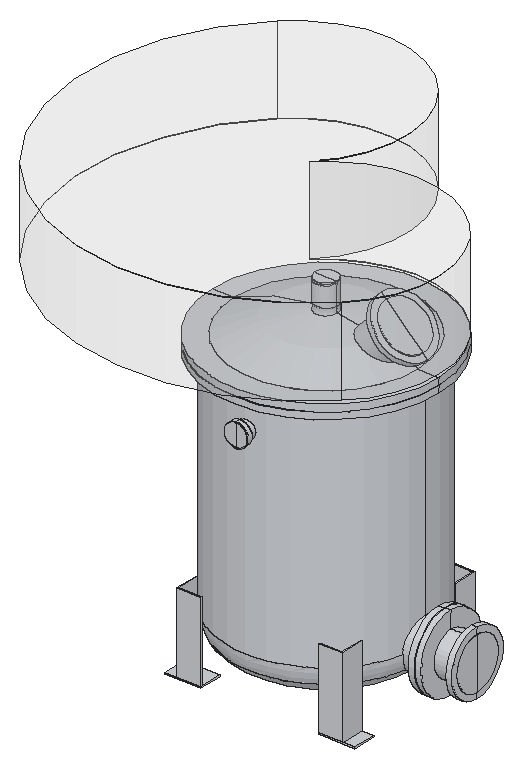
Revit family "Aquarevival_BSG50T", category Mechanical Equipment, Revit 2018
Family settings
  Round Connector Dimension = Use Diameter
  Part Type = Normal
  OmniClass Number = 23.75.00.00
  OmniClass Title = Climate Control (HVAC)
  Work Plane-Based = No
  Always vertical = Yes
  Cut with Voids When Loaded = No
  Shared = No
  Room Calculation Point = No
Parameters
  Panel Location (0-4) [instance] = 0
  Panel 4 [instance] = [Panel Location (0-4)] = 4  # no
  Panel 3 [instance] = [Panel Location (0-4)] = 3  # no
  Panel 2 [instance] = [Panel Location (0-4)] = 2  # no
  Panel 1 [instance] = not(or([Panel Location (0-4)] = 2, [Panel Location (0-4)] = 3, [Panel Location (0-4)] = 4, [Panel Location (0-4)] = 0))  # no
  Outlet = 0' - 10"
  Model = "BSG50T"
  Manufacturer = "Aqua Revival LLC"
  Keynote = ""
  Inlet = 0' - 10"
  Filter Discharge Rotation [instance] = 0.00°
  Filter Clearance Rotation [instance] = 0.00°
  Drain = 0' - 6"
  Description = "Regenerative Media Filter"
Reference planes (in)
  plane 1 "Center (Front/Back)": y = 0
  plane 2: z = 0
  plane 3 "Center (Left/Right)": x = 0
Forms (in)
  Revolve 1, solid
    sketch origin (0, 0, 12) x (1, 0, 0) y (0, 0, 1)
      loop
        line (-0.00004, -10.74611) -> (-0.00004, 76.11987) -> (-2.75, 76.11987) -> (-2.75, 75.91248)
        arc (-2.75, 75.91248) -> (-2.7402, 75.72628) -> (-2.75, 75.54009) r 1.77355
        line (-2.75, 75.54009) -> (-2.75, 70.55737)
        arc (-2.75, 70.55737) -> (-2.66107, 69.73809) -> (-2.75296, 68.91914) r 3.75596
        arc (-2.75296, 68.91914) -> (-13.12881, 67.25137) -> (-22.93187, 63.46457) r 50.3125
        line (-22.93187, 63.46457) -> (-28.25, 63.46457) -> (-28.25, 61.71458) -> (-28.08532, 61.71458) -> (-28.08532, 61.60182) -> (-28.25, 61.60182) -> (-28.25, 59.96457) -> (-24.99977, 59.96457) -> (-24.99977, 2.71371)
        arc (-24.99977, 2.71371) -> (-24.6877, 0.43171) -> (-23.77441, -1.68272) r 8.49961
        arc (-23.77441, -1.68272) -> (-22.41911, -3.35196) -> (-20.65941, -4.58755) r 7.79697
        arc (-20.65941, -4.58755) -> (-13.83356, -7.96305) -> (-6.5023, -10.02192) r 41.11644
        arc (-6.5023, -10.02192) -> (-3.26387, -10.49807) -> (-0.00004, -10.74611) r 46.68297
      axis (0, 76.11987) -> (0, -10.74611)
    angle from 0 to 360
  Revolve 2, solid
    sketch origin (-14.99151, 0, 1.58134) x (1, 0, 0) y (0, 0, 1)
      loop
        line (-14.12767, 5.39286) -> (3.62234, 5.39286) -> (3.62234, 8.70536) -> (-13.12766, 8.70536) -> (-13.12766, 10.89286) -> (-14.12767, 10.89286) -> (-14.12767, 5.39286)
      axis (-14.12767, 5.39286) -> (3.62234, 5.39286)
    angle from 0 to 360
  Extrusion 3, solid
    sketch origin (-14.99151, 0, 1.58134) x (0, 1, 0) y (0, 0, 1)
      loop
        circle (0, 5.39286) r 4.25
    from -14.26766 to -14.12767
  Revolve 4, solid
    sketch origin (0.02056, -68.74083, 19.46511) x (0, 1, 0) y (0, 0, 1)
      loop
        line (40.62187, 45.49946) -> (44.12187, 45.49946) -> (44.12187, 47.76786) -> (42.49057, 47.76786) -> (42.39687, 47.86156) -> (42.39687, 48.01786) -> (41.87187, 48.01786) -> (41.87187, 48.41208) -> (40.71557, 48.41208) -> (40.62187, 48.31823) -> (40.62187, 45.49946)
      axis (40.62187, 45.49946) -> (44.12187, 45.49946)
    angle from 0 to 360
  Extrusion 5, solid, visible <- "Panel 1"
    sketch origin (-6.75901, -13.83786, 16.84542) x (1, 0, 0) y (0, 1, 0)
      loop
        line (-26.32299, -12.86214) -> (-26.32299, -13.11014) -> (-27.35099, -13.11014) -> (-27.35099, -13.77514)
        arc (-27.35099, -13.77514) -> (-27.30413, -13.88828) -> (-27.19099, -13.93514) r 0.16
        line (-27.19099, -13.93514) -> (-11.87099, -13.93514)
        arc (-11.87099, -13.93514) -> (-11.76846, -13.89267) -> (-11.72599, -13.79014) r 0.145
        line (-11.72599, -13.79014) -> (-11.72599, -13.11014) -> (-12.65099, -13.11014) -> (-12.65099, -12.86215) -> (-11.62098, -12.86215)
        arc (-11.62098, -12.86215) -> (-11.51852, -12.81975) -> (-11.47597, -12.71735) r 0.14501
        line (-11.47597, -12.71735) -> (-11.47597, -7.00721)
        arc (-11.47597, -7.00721) -> (-11.51845, -6.90466) -> (-11.62101, -6.86218) r 0.14504
        line (-11.62101, -6.86218) -> (-27.331, -6.86218)
        arc (-27.331, -6.86218) -> (-27.43352, -6.90464) -> (-27.47598, -7.00716) r 0.14498
        line (-27.47598, -7.00716) -> (-27.47598, -12.71714)
        arc (-27.47598, -12.71714) -> (-27.43351, -12.81967) -> (-27.33099, -12.86214) r 0.145
        line (-27.33099, -12.86214) -> (-26.32299, -12.86214)
    from 35.1762 to 51.1012
  Extrusion 6, solid, visible <- "Panel 1"
    sketch origin (-6.77401, -13.83786, 16.84542) x (1, 0, 0) y (0, 1, 0)
      loop
        line (-27.47599, -6.86218) -> (-7.24373, -6.86218)
        arc (-7.24373, -6.86218) -> (-10.60636, -4.13188) -> (-13.44723, -0.86214) r 24.99977
        line (-13.44723, -0.86214) -> (-27.47599, -0.86214) -> (-27.47599, -6.86218)
    from 50.9012 to 51.1012
  Extrusion 7, solid, visible <- "Panel 1"
    sketch origin (-6.77401, -13.83786, 16.84542) x (0, 1, 0) y (0, 0, 1)
      loop
        line (-6.86218, 50.9012) -> (-6.86218, 49.53074) -> (-6.61218, 49.53074) -> (-6.61218, 50.9012) -> (-6.86218, 50.9012)
    from -27.47599 to -7.27396
  Extrusion 8, solid, visible <- "Panel 1"
    sketch origin (-6.77401, -13.83786, 103.05209) x (0, 1, 0) y (0, 0, 1)
      loop
        line (-6.86218, -50.9012) -> (-6.61218, -50.9012) -> (-6.61218, -49.53074) -> (-6.86218, -49.53074) -> (-6.86218, -50.9012)
    from -27.47599 to -7.27396
  Revolve 9, solid, visible <- "Panel 1"
    sketch origin (-26.26107, -75.37885, 16.84542) x (0, -1, 0) y (0, 0, 1)
      loop
        line (-45.98085, 39.52627) -> (-45.98085, 40.27627)
        arc (-45.98085, 40.27627) -> (-46.1273, 40.62983) -> (-46.48085, 40.77627) r 0.5
        line (-46.48085, 40.77627) -> (-46.60585, 40.77627) -> (-46.60585, 40.02627) -> (-47.35585, 40.02627) -> (-47.35585, 40.10855) -> (-47.60585, 40.10855) -> (-47.60585, 39.52627) -> (-45.98085, 39.52627)
      axis (-47.60585, 39.52627) -> (-45.98085, 39.52627)
    angle from 0 to 360
  Extrusion 10, solid, visible <- "Panel 1"
    sketch origin (-6.77401, -13.83786, 1.04969) x (1, 0, 0) y (0, 1, 0)
      loop
        line (-27.47599, -6.86218) -> (-7.24373, -6.86218)
        arc (-7.24373, -6.86218) -> (-10.60636, -4.13188) -> (-13.44723, -0.86214) r 24.99977
        line (-13.44723, -0.86214) -> (-27.47599, -0.86214) -> (-27.47599, -6.86218)
    from 50.9012 to 51.1012
  Extrusion 11, solid, visible <- "Panel 2"
    sketch origin (6.75901, -13.83786, 16.84542) x (-1, 0, 0) y (0, -1, 0)
      loop
        line (-26.32299, 12.86214) -> (-27.33099, 12.86214)
        arc (-27.33099, 12.86214) -> (-27.43351, 12.81967) -> (-27.47598, 12.71714) r 0.145
        line (-27.47598, 12.71714) -> (-27.47598, 7.00716)
        arc (-27.47598, 7.00716) -> (-27.43352, 6.90464) -> (-27.331, 6.86218) r 0.14498
        line (-27.331, 6.86218) -> (-11.62101, 6.86218)
        arc (-11.62101, 6.86218) -> (-11.51845, 6.90466) -> (-11.47597, 7.00721) r 0.14504
        line (-11.47597, 7.00721) -> (-11.47597, 12.71735)
        arc (-11.47597, 12.71735) -> (-11.51852, 12.81975) -> (-11.62098, 12.86215) r 0.14501
        line (-11.62098, 12.86215) -> (-12.65099, 12.86215) -> (-12.65099, 13.11014) -> (-11.72599, 13.11014) -> (-11.72599, 13.79014)
        arc (-11.72599, 13.79014) -> (-11.76846, 13.89267) -> (-11.87099, 13.93514) r 0.145
        line (-11.87099, 13.93514) -> (-27.19099, 13.93514)
        arc (-27.19099, 13.93514) -> (-27.30413, 13.88828) -> (-27.35099, 13.77514) r 0.16
        line (-27.35099, 13.77514) -> (-27.35099, 13.11014) -> (-26.32299, 13.11014) -> (-26.32299, 12.86214)
    from 35.1762 to 51.1012
  Extrusion 12, solid, visible <- "Panel 2"
    sketch origin (6.77401, -13.83786, 16.84542) x (-1, 0, 0) y (0, -1, 0)
      loop
        line (-27.47599, 6.86218) -> (-27.47599, 0.86214) -> (-13.44723, 0.86214)
        arc (-13.44723, 0.86214) -> (-10.60636, 4.13188) -> (-7.24373, 6.86218) r 24.99977
        line (-7.24373, 6.86218) -> (-27.47599, 6.86218)
    from 50.9012 to 51.1012
  Extrusion 13, solid, visible <- "Panel 2"
    sketch origin (6.77401, -13.83786, 16.84542) x (0, 1, 0) y (0, 0, -1)
      loop
        line (-6.86218, -50.9012) -> (-6.61218, -50.9012) -> (-6.61218, -49.53074) -> (-6.86218, -49.53074) -> (-6.86218, -50.9012)
    from -27.47599 to -7.27396
  Extrusion 14, solid, visible <- "Panel 2"
    sketch origin (6.77401, -13.83786, 103.05209) x (0, 1, 0) y (0, 0, -1)
      loop
        line (-6.86218, 50.9012) -> (-6.86218, 49.53074) -> (-6.61218, 49.53074) -> (-6.61218, 50.9012) -> (-6.86218, 50.9012)
    from -27.47599 to -7.27396
  Revolve 15, solid, visible <- "Panel 2"
    sketch origin (26.26107, -75.37885, 16.84542) x (0, -1, 0) y (0, 0, -1)
      loop
        line (-45.98085, -39.52627) -> (-47.60585, -39.52627) -> (-47.60585, -40.10855) -> (-47.35585, -40.10855) -> (-47.35585, -40.02627) -> (-46.60585, -40.02627) -> (-46.60585, -40.77627) -> (-46.48085, -40.77627)
        arc (-46.48085, -40.77627) -> (-46.1273, -40.62983) -> (-45.98085, -40.27627) r 0.5
        line (-45.98085, -40.27627) -> (-45.98085, -39.52627)
      axis (-47.60585, -39.52627) -> (-45.98085, -39.52627)
    angle from 0 to 360
  Extrusion 16, solid, visible <- "Panel 2"
    sketch origin (6.77401, -13.83786, 1.04969) x (-1, 0, 0) y (0, -1, 0)
      loop
        line (-27.47599, 6.86218) -> (-27.47599, 0.86214) -> (-13.44723, 0.86214)
        arc (-13.44723, 0.86214) -> (-10.60636, 4.13188) -> (-7.24373, 6.86218) r 24.99977
        line (-7.24373, 6.86218) -> (-27.47599, 6.86218)
    from 50.9012 to 51.1012
  Extrusion 17, solid, visible <- "Panel 4"
    sketch origin (-6.75901, 13.83786, 16.84542) x (1, 0, 0) y (0, 1, 0)
      loop
        line (-26.32299, 12.86214) -> (-27.33099, 12.86214)
        arc (-27.33099, 12.86214) -> (-27.43351, 12.81967) -> (-27.47598, 12.71714) r 0.145
        line (-27.47598, 12.71714) -> (-27.47598, 7.00716)
        arc (-27.47598, 7.00716) -> (-27.43352, 6.90464) -> (-27.331, 6.86218) r 0.14498
        line (-27.331, 6.86218) -> (-11.62101, 6.86218)
        arc (-11.62101, 6.86218) -> (-11.51845, 6.90466) -> (-11.47597, 7.00721) r 0.14504
        line (-11.47597, 7.00721) -> (-11.47597, 12.71735)
        arc (-11.47597, 12.71735) -> (-11.51852, 12.81975) -> (-11.62098, 12.86215) r 0.14501
        line (-11.62098, 12.86215) -> (-12.65099, 12.86215) -> (-12.65099, 13.11014) -> (-11.72599, 13.11014) -> (-11.72599, 13.79014)
        arc (-11.72599, 13.79014) -> (-11.76846, 13.89267) -> (-11.87099, 13.93514) r 0.145
        line (-11.87099, 13.93514) -> (-27.19099, 13.93514)
        arc (-27.19099, 13.93514) -> (-27.30413, 13.88828) -> (-27.35099, 13.77514) r 0.16
        line (-27.35099, 13.77514) -> (-27.35099, 13.11014) -> (-26.32299, 13.11014) -> (-26.32299, 12.86214)
    from 35.1762 to 51.1012
  Extrusion 18, solid, visible <- "Panel 4"
    sketch origin (-6.77401, 13.83786, 16.84542) x (1, 0, 0) y (0, 1, 0)
      loop
        line (-27.47599, 6.86218) -> (-27.47599, 0.86214) -> (-13.44723, 0.86214)
        arc (-13.44723, 0.86214) -> (-10.60636, 4.13188) -> (-7.24373, 6.86218) r 24.99977
        line (-7.24373, 6.86218) -> (-27.47599, 6.86218)
    from 50.9012 to 51.1012
  Extrusion 19, solid, visible <- "Panel 4"
    sketch origin (-6.77401, 13.83786, 16.84542) x (0, -1, 0) y (0, 0, -1)
      loop
        line (-6.86218, -50.9012) -> (-6.61218, -50.9012) -> (-6.61218, -49.53074) -> (-6.86218, -49.53074) -> (-6.86218, -50.9012)
    from -27.47599 to -7.27396
  Extrusion 20, solid, visible <- "Panel 4"
    sketch origin (-6.77401, 13.83786, 103.05209) x (0, -1, 0) y (0, 0, -1)
      loop
        line (-6.86218, 50.9012) -> (-6.86218, 49.53074) -> (-6.61218, 49.53074) -> (-6.61218, 50.9012) -> (-6.86218, 50.9012)
    from -27.47599 to -7.27396
  Revolve 21, solid, visible <- "Panel 4"
    sketch origin (-26.26107, 75.37885, 16.84542) x (0, 1, 0) y (0, 0, -1)
      loop
        line (-45.98085, -39.52627) -> (-47.60585, -39.52627) -> (-47.60585, -40.10855) -> (-47.35585, -40.10855) -> (-47.35585, -40.02627) -> (-46.60585, -40.02627) -> (-46.60585, -40.77627) -> (-46.48085, -40.77627)
        arc (-46.48085, -40.77627) -> (-46.1273, -40.62983) -> (-45.98085, -40.27627) r 0.5
        line (-45.98085, -40.27627) -> (-45.98085, -39.52627)
      axis (-47.60585, -39.52627) -> (-45.98085, -39.52627)
    angle from 0 to 360
  Extrusion 22, solid, visible <- "Panel 4"
    sketch origin (-6.77401, 13.83786, 1.04969) x (1, 0, 0) y (0, 1, 0)
      loop
        line (-27.47599, 6.86218) -> (-27.47599, 0.86214) -> (-13.44723, 0.86214)
        arc (-13.44723, 0.86214) -> (-10.60636, 4.13188) -> (-7.24373, 6.86218) r 24.99977
        line (-7.24373, 6.86218) -> (-27.47599, 6.86218)
    from 50.9012 to 51.1012
  Extrusion 23, solid, visible <- "Panel 3"
    sketch origin (6.75901, 13.83786, 16.84542) x (-1, 0, 0) y (0, -1, 0)
      loop
        line (-26.32299, -12.86214) -> (-26.32299, -13.11014) -> (-27.35099, -13.11014) -> (-27.35099, -13.77514)
        arc (-27.35099, -13.77514) -> (-27.30413, -13.88828) -> (-27.19099, -13.93514) r 0.16
        line (-27.19099, -13.93514) -> (-11.87099, -13.93514)
        arc (-11.87099, -13.93514) -> (-11.76846, -13.89267) -> (-11.72599, -13.79014) r 0.145
        line (-11.72599, -13.79014) -> (-11.72599, -13.11014) -> (-12.65099, -13.11014) -> (-12.65099, -12.86215) -> (-11.62098, -12.86215)
        arc (-11.62098, -12.86215) -> (-11.51852, -12.81975) -> (-11.47597, -12.71735) r 0.14501
        line (-11.47597, -12.71735) -> (-11.47597, -7.00721)
        arc (-11.47597, -7.00721) -> (-11.51845, -6.90466) -> (-11.62101, -6.86218) r 0.14504
        line (-11.62101, -6.86218) -> (-27.331, -6.86218)
        arc (-27.331, -6.86218) -> (-27.43352, -6.90464) -> (-27.47598, -7.00716) r 0.14498
        line (-27.47598, -7.00716) -> (-27.47598, -12.71714)
        arc (-27.47598, -12.71714) -> (-27.43351, -12.81967) -> (-27.33099, -12.86214) r 0.145
        line (-27.33099, -12.86214) -> (-26.32299, -12.86214)
    from 35.1762 to 51.1012
  Extrusion 24, solid, visible <- "Panel 3"
    sketch origin (6.77401, 13.83786, 16.84542) x (-1, 0, 0) y (0, -1, 0)
      loop
        line (-27.47599, -6.86218) -> (-7.24373, -6.86218)
        arc (-7.24373, -6.86218) -> (-10.60636, -4.13188) -> (-13.44723, -0.86214) r 24.99977
        line (-13.44723, -0.86214) -> (-27.47599, -0.86214) -> (-27.47599, -6.86218)
    from 50.9012 to 51.1012
  Extrusion 25, solid, visible <- "Panel 3"
    sketch origin (6.77401, 13.83786, 16.84542) x (0, -1, 0) y (0, 0, 1)
      loop
        line (-6.86218, 50.9012) -> (-6.86218, 49.53074) -> (-6.61218, 49.53074) -> (-6.61218, 50.9012) -> (-6.86218, 50.9012)
    from -27.47599 to -7.27396
  Extrusion 26, solid, visible <- "Panel 3"
    sketch origin (6.77401, 13.83786, 103.05209) x (0, -1, 0) y (0, 0, 1)
      loop
        line (-6.86218, -50.9012) -> (-6.61218, -50.9012) -> (-6.61218, -49.53074) -> (-6.86218, -49.53074) -> (-6.86218, -50.9012)
    from -27.47599 to -7.27396
  Revolve 27, solid, visible <- "Panel 3"
    sketch origin (26.26107, 75.37885, 16.84542) x (0, 1, 0) y (0, 0, 1)
      loop
        line (-45.98085, 39.52627) -> (-45.98085, 40.27627)
        arc (-45.98085, 40.27627) -> (-46.1273, 40.62983) -> (-46.48085, 40.77627) r 0.5
        line (-46.48085, 40.77627) -> (-46.60585, 40.77627) -> (-46.60585, 40.02627) -> (-47.35585, 40.02627) -> (-47.35585, 40.10855) -> (-47.60585, 40.10855) -> (-47.60585, 39.52627) -> (-45.98085, 39.52627)
      axis (-47.60585, 39.52627) -> (-45.98085, 39.52627)
    angle from 0 to 360
  Extrusion 28, solid, visible <- "Panel 3"
    sketch origin (6.77401, 13.83786, 1.04969) x (-1, 0, 0) y (0, -1, 0)
      loop
        line (-27.47599, -6.86218) -> (-7.24373, -6.86218)
        arc (-7.24373, -6.86218) -> (-10.60636, -4.13188) -> (-13.44723, -0.86214) r 24.99977
        line (-13.44723, -0.86214) -> (-27.47599, -0.86214) -> (-27.47599, -6.86218)
    from 50.9012 to 51.1012
  Revolve 29, solid
    sketch origin (0, 0, 0) x (1, 0, 0) y (0, 0, 1)
      loop
        line (37.68168, 22.96457) -> (36.30668, 22.96457) -> (36.30668, 20.33957) -> (31.23836, 20.33957) -> (31.23836, 24.46457) -> (29.73836, 24.46457) -> (29.73836, 24.40357) -> (29.66329, 24.40357) -> (29.66329, 24.46457) -> (28.16236, 24.46457) -> (28.16236, 21.33957) -> (17.26851, 21.33957) -> (17.26851, 14.96457) -> (37.82168, 14.96457) -> (37.82168, 21.33957) -> (37.68168, 21.33957) -> (37.68168, 22.96457)
      axis (17.26851, 14.96457) -> (37.82168, 14.96457)
    angle from 0 to 360
  Extrusion 30, solid
    sketch origin (0, 0, 0) x (0, 1, 0) y (-1, 0, 0)
      loop
        line (14.70004, 23.64) -> (14.70004, 14.64) -> (20.70004, 14.64) -> (20.70004, 23.64) -> (14.70004, 23.64)
      loop
        line (14.70004, -23.64) -> (20.70004, -23.64) -> (20.70004, -14.64) -> (14.70004, -14.64) -> (14.70004, -23.64)
      loop
        line (-14.70004, 23.64) -> (-20.70004, 23.64) -> (-20.70004, 14.64) -> (-14.70004, 14.64) -> (-14.70004, 23.64)
      loop
        line (-14.70004, -23.64) -> (-14.70004, -14.64) -> (-20.70004, -14.64) -> (-20.70004, -23.64) -> (-14.70004, -23.64)
    from 0 to 0.25
  Extrusion 31, solid
    sketch origin (0, 0, 0) x (0, 1, 0) y (-1, 0, 0)
      loop
        line (-20.70004, 14.64) -> (-20.45004, 14.64) -> (-20.45004, 20.39) -> (-14.70004, 20.39) -> (-14.70004, 20.64) -> (-20.70004, 20.64) -> (-20.70004, 14.64)
      loop
        line (-20.70004, -14.64) -> (-20.70004, -20.64) -> (-14.70004, -20.64) -> (-14.70004, -20.39) -> (-20.45004, -20.39) -> (-20.45004, -14.64) -> (-20.70004, -14.64)
      loop
        line (20.70004, 14.64) -> (20.70004, 20.64) -> (14.70004, 20.64) -> (14.70004, 20.39) -> (20.45004, 20.39) -> (20.45004, 14.64) -> (20.70004, 14.64)
      loop
        line (20.70004, -14.64) -> (20.45004, -14.64) -> (20.45004, -20.39) -> (14.70004, -20.39) -> (14.70004, -20.64) -> (20.70004, -20.64) -> (20.70004, -14.64)
    from 0.25 to 20.25
Cuts and joins
  joined: Revolve 1, Revolve 2, Revolve 4, Revolve 29
Lines and regions (in)
  reference lines
    curve 1: line (0, 0, 0) -> (19, 0, 0)
    curve 2: line (0, 0, 0) -> (0, 19, 0)
  model lines, visible <- "Panel 1"
    curve 3: line (-30.86339, -27.773, 65.30402) -> (-22.48514, -27.773, 65.30402)
    curve 4: line (-30.86339, -27.773, 59.58676) -> (-30.86339, -27.773, 65.30402)
    curve 5: line (-22.48514, -27.773, 59.58676) -> (-30.86339, -27.773, 59.58676)
    curve 6: line (-22.48514, -27.773, 65.30402) -> (-22.48514, -27.773, 59.58676)
    curve 7: line (-23.58372, -27.773, 60.69342) -> (-29.76482, -27.773, 60.69342)
    curve 8: line (-23.58372, -27.773, 64.19736) -> (-23.58372, -27.773, 60.69342)
    curve 9: line (-29.76482, -27.773, 64.19736) -> (-23.58372, -27.773, 64.19736)
    curve 10: line (-29.76482, -27.773, 60.69342) -> (-29.76482, -27.773, 64.19736)
    curve 11: arc (-20.7373, -27.773, 60.4955) -> (-21.28848, -27.773, 59.94432) -> (-20.7373, -27.773, 59.39314) r 0.55118
    curve 12: arc (-20.7373, -27.773, 59.39314) -> (-20.18612, -27.773, 59.94432) -> (-20.7373, -27.773, 60.4955) r 0.55118
    curve 13: arc (-20.7373, -27.773, 59.51125) -> (-20.30423, -27.773, 59.94432) -> (-20.7373, -27.773, 60.37739) r 0.43307
    curve 14: arc (-20.7373, -27.773, 60.37739) -> (-21.17037, -27.773, 59.94432) -> (-20.7373, -27.773, 59.51125) r 0.43307
    curve 15: arc (-20.7373, -27.773, 60.27306) -> (-21.06604, -27.773, 59.94432) -> (-20.7373, -27.773, 59.61558) r 0.32874
    curve 16: arc (-20.7373, -27.773, 59.61558) -> (-20.40856, -27.773, 59.94432) -> (-20.7373, -27.773, 60.27306) r 0.32874
    curve 17: line (-21.0474, -27.773, 59.99944) -> (-20.4272, -27.773, 59.99944)
    curve 18: line (-20.4272, -27.773, 59.8892) -> (-21.0474, -27.773, 59.8892)
  model lines, visible <- "Panel 2"
    curve 19: line (30.86339, -27.773, 65.30402) -> (22.48514, -27.773, 65.30402)
    curve 20: line (30.86339, -27.773, 59.58676) -> (30.86339, -27.773, 65.30402)
    curve 21: line (22.48514, -27.773, 59.58676) -> (30.86339, -27.773, 59.58676)
    curve 22: line (22.48514, -27.773, 65.30402) -> (22.48514, -27.773, 59.58676)
    curve 23: line (23.58372, -27.773, 60.69342) -> (29.76482, -27.773, 60.69342)
    curve 24: line (23.58372, -27.773, 64.19736) -> (23.58372, -27.773, 60.69342)
    curve 25: line (29.76482, -27.773, 64.19736) -> (23.58372, -27.773, 64.19736)
    curve 26: line (29.76482, -27.773, 60.69342) -> (29.76482, -27.773, 64.19736)
    curve 27: arc (20.7373, -27.773, 60.4955) -> (21.28848, -27.773, 59.94432) -> (20.7373, -27.773, 59.39314) r 0.55118
    curve 28: arc (20.7373, -27.773, 59.39314) -> (20.18612, -27.773, 59.94432) -> (20.7373, -27.773, 60.4955) r 0.55118
    curve 29: arc (20.7373, -27.773, 59.51125) -> (20.30423, -27.773, 59.94432) -> (20.7373, -27.773, 60.37739) r 0.43307
    curve 30: arc (20.7373, -27.773, 60.37739) -> (21.17037, -27.773, 59.94432) -> (20.7373, -27.773, 59.51125) r 0.43307
    curve 31: arc (20.7373, -27.773, 60.27306) -> (21.06604, -27.773, 59.94432) -> (20.7373, -27.773, 59.61558) r 0.32874
    curve 32: arc (20.7373, -27.773, 59.61558) -> (20.40856, -27.773, 59.94432) -> (20.7373, -27.773, 60.27306) r 0.32874
    curve 33: line (21.0474, -27.773, 59.99944) -> (20.4272, -27.773, 59.99944)
    curve 34: line (20.4272, -27.773, 59.8892) -> (21.0474, -27.773, 59.8892)
  model lines, visible <- "Panel 4"
    curve 35: line (-30.86339, 27.773, 65.30402) -> (-22.48514, 27.773, 65.30402)
    curve 36: line (-30.86339, 27.773, 59.58676) -> (-30.86339, 27.773, 65.30402)
    curve 37: line (-22.48514, 27.773, 59.58676) -> (-30.86339, 27.773, 59.58676)
    curve 38: line (-22.48514, 27.773, 65.30402) -> (-22.48514, 27.773, 59.58676)
    curve 39: line (-23.58372, 27.773, 60.69342) -> (-29.76482, 27.773, 60.69342)
    curve 40: line (-23.58372, 27.773, 64.19736) -> (-23.58372, 27.773, 60.69342)
    curve 41: line (-29.76482, 27.773, 64.19736) -> (-23.58372, 27.773, 64.19736)
    curve 42: line (-29.76482, 27.773, 60.69342) -> (-29.76482, 27.773, 64.19736)
    curve 43: arc (-20.7373, 27.773, 60.4955) -> (-21.28848, 27.773, 59.94432) -> (-20.7373, 27.773, 59.39314) r 0.55118
    curve 44: arc (-20.7373, 27.773, 59.39314) -> (-20.18612, 27.773, 59.94432) -> (-20.7373, 27.773, 60.4955) r 0.55118
    curve 45: arc (-20.7373, 27.773, 59.51125) -> (-20.30423, 27.773, 59.94432) -> (-20.7373, 27.773, 60.37739) r 0.43307
    curve 46: arc (-20.7373, 27.773, 60.37739) -> (-21.17037, 27.773, 59.94432) -> (-20.7373, 27.773, 59.51125) r 0.43307
    curve 47: arc (-20.7373, 27.773, 60.27306) -> (-21.06604, 27.773, 59.94432) -> (-20.7373, 27.773, 59.61558) r 0.32874
    curve 48: arc (-20.7373, 27.773, 59.61558) -> (-20.40856, 27.773, 59.94432) -> (-20.7373, 27.773, 60.27306) r 0.32874
    curve 49: line (-21.0474, 27.773, 59.99944) -> (-20.4272, 27.773, 59.99944)
    curve 50: line (-20.4272, 27.773, 59.8892) -> (-21.0474, 27.773, 59.8892)
  model lines, visible <- "Panel 3"
    curve 51: line (30.86339, 27.773, 65.30402) -> (22.48514, 27.773, 65.30402)
    curve 52: line (30.86339, 27.773, 59.58676) -> (30.86339, 27.773, 65.30402)
    curve 53: line (22.48514, 27.773, 59.58676) -> (30.86339, 27.773, 59.58676)
    curve 54: line (22.48514, 27.773, 65.30402) -> (22.48514, 27.773, 59.58676)
    curve 55: line (23.58372, 27.773, 60.69342) -> (29.76482, 27.773, 60.69342)
    curve 56: line (23.58372, 27.773, 64.19736) -> (23.58372, 27.773, 60.69342)
    curve 57: line (29.76482, 27.773, 64.19736) -> (23.58372, 27.773, 64.19736)
    curve 58: line (29.76482, 27.773, 60.69342) -> (29.76482, 27.773, 64.19736)
    curve 59: arc (20.7373, 27.773, 60.4955) -> (21.28848, 27.773, 59.94432) -> (20.7373, 27.773, 59.39314) r 0.55118
    curve 60: arc (20.7373, 27.773, 59.39314) -> (20.18612, 27.773, 59.94432) -> (20.7373, 27.773, 60.4955) r 0.55118
    curve 61: arc (20.7373, 27.773, 59.51125) -> (20.30423, 27.773, 59.94432) -> (20.7373, 27.773, 60.37739) r 0.43307
    curve 62: arc (20.7373, 27.773, 60.37739) -> (21.17037, 27.773, 59.94432) -> (20.7373, 27.773, 59.51125) r 0.43307
    curve 63: arc (20.7373, 27.773, 60.27306) -> (21.06604, 27.773, 59.94432) -> (20.7373, 27.773, 59.61558) r 0.32874
    curve 64: arc (20.7373, 27.773, 59.61558) -> (20.40856, 27.773, 59.94432) -> (20.7373, 27.773, 60.27306) r 0.32874
    curve 65: line (21.0474, 27.773, 59.99944) -> (20.4272, 27.773, 59.99944)
    curve 66: line (20.4272, 27.773, 59.8892) -> (21.0474, 27.773, 59.8892)
Dimensions and locks (in)
  "Filter Discharge Rotation": angle plane 1 "Center (Front/Back)" to curve 1
  "Filter Clearance Rotation": angle curve 2 to plane 3 "Center (Left/Right)"
  aligned and locked: level to plane 2
  aligned and locked: plane 3 "Center (Left/Right)" to curve 2
  aligned and locked: plane 1 "Center (Front/Back)" to curve 2
Automatic sketch dimensions
  Revolve 1 sketch curve to plane 3 "Center (Left/Right)" = 0' - 0"  (x2)
  Revolve 1 sketch curve to plane 3 "Center (Left/Right)" = 0' - 0.00004"
  Revolve 1 sketch curve to plane 3 "Center (Left/Right)" = 0' - 2 3/4"
  Revolve 1 sketch curve to Revolve 1 sketch curve = 0' - 0"  (x3)
  Revolve 1 sketch curve to Revolve 1 sketch curve = 0' - 1.76375"
  Revolve 1 sketch curve to Revolve 1 sketch curve = 0' - 0.60139"
  Revolve 1 sketch curve to Revolve 1 sketch curve = 0' - 2.06791"
  Revolve 1 sketch curve to Revolve 1 sketch curve = 0' - 3.08555"
  Revolve 1 sketch curve to Revolve 1 sketch curve = 0' - 0.16468"
  plane 3 "Center (Left/Right)" to Revolve 1 sketch curve = 0' - 0.90118"
  plane 3 "Center (Left/Right)" to Revolve 1 sketch curve = 0' - 1.90349"
  level to Revolve 1 sketch curve = 0' - 1 65/256"
  level to Revolve 1 sketch curve = 1' - 2.35034"
  Revolve 1 sketch curve to Revolve 1 sketch curve = 0' - 0.36337"
  Revolve 1 sketch curve to Revolve 1 sketch curve = 1' - 3.96831"
  Revolve 1 sketch curve to Revolve 1 sketch curve = 0' - 11.74047"
  Revolve 1 sketch curve to Revolve 1 sketch curve = 0' - 5.47554"
  Revolve 1 sketch curve to Revolve 1 sketch curve = 2' - 0.06654"
  Revolve 1 sketch curve to Revolve 1 sketch curve = 0' - 1.63724"
  Revolve 1 sketch curve to Revolve 1 sketch curve = 0' - 0.11276"
  Revolve 1 sketch curve to Revolve 1 sketch curve = 0' - 1 3/4"
  Revolve 1 sketch curve to Revolve 1 sketch curve = 0' - 6.2803"
  Revolve 1 sketch curve to Revolve 1 sketch curve = 0' - 0 13/16"
  Revolve 1 sketch curve to Revolve 1 sketch curve = 0' - 4.98272"
  Revolve 1 sketch curve to Revolve 1 sketch curve = 0' - 0.18619"
  Revolve 1 sketch curve to Revolve 1 sketch curve = 0' - 0.20739"
  level to Revolve 1 sketch curve = 0' - 7.41245"
  Revolve 1 sketch curve to Revolve 1 sketch curve = 0' - 11.33584"
  Revolve 1 sketch curve to Revolve 1 sketch curve = 0' - 9.59537"
  plane 1 "Center (Front/Back)" to Revolve 4 sketch curve = 2' - 4.11896"
  Revolve 4 sketch curve to Revolve 4 sketch curve = 0' - 0.0937"  (x4)
  Revolve 4 sketch curve to Revolve 4 sketch curve = 0' - 1.1563"
  Revolve 4 sketch curve to Revolve 4 sketch curve = 0' - 0.525"
  Revolve 4 sketch curve to Revolve 4 sketch curve = 0' - 1.6313"
  level to Revolve 4 sketch curve = 5' - 4.96457"
  Revolve 4 sketch curve to Revolve 4 sketch curve = 0' - 2.26839"
  Revolve 4 sketch curve to Revolve 4 sketch curve = 0' - 0.1563"
  Revolve 4 sketch curve to Revolve 4 sketch curve = 0' - 0.30037"
  Revolve 4 sketch curve to Revolve 4 sketch curve = 0' - 0.09385"
  Revolve 4 sketch curve to Revolve 4 sketch curve = 0' - 1"
  Revolve 4 sketch curve to Revolve 4 sketch curve = 0' - 0"
  Extrusion 5 sketch curve to Extrusion 5 sketch curve = 0' - 0 1/8"
  Extrusion 5 sketch curve to Extrusion 5 sketch curve = 0' - 0.14498"
  Extrusion 5 sketch curve to Extrusion 5 sketch curve = 0' - 0.145"  (x2)
  Extrusion 5 sketch curve to Extrusion 5 sketch curve = 0' - 0.16"
  Extrusion 5 sketch curve to Extrusion 5 sketch curve = 0' - 1.028"
  Extrusion 5 sketch curve to Extrusion 5 sketch curve = 0' - 0.78"
  Extrusion 5 sketch curve to Extrusion 5 sketch curve = 0' - 1.02998"
  Extrusion 5 sketch curve to Extrusion 5 sketch curve = 0' - 0.10501"
  Extrusion 5 sketch curve to Extrusion 5 sketch curve = 0' - 0.14501"
  plane 1 "Center (Front/Back)" to Extrusion 5 sketch curve = 2' - 3.773"
  Extrusion 5 sketch curve to Extrusion 5 sketch curve = 0' - 0.665"
  Extrusion 5 sketch curve to Extrusion 5 sketch curve = 0' - 0.68"
  Extrusion 5 sketch curve to Extrusion 5 sketch curve = 0' - 0.24799"
  Extrusion 5 sketch curve to Extrusion 5 sketch curve = 0' - 0.248"
  Extrusion 5 sketch curve to Extrusion 5 sketch curve = 0' - 0.14479"
  Extrusion 5 sketch curve to Extrusion 5 sketch curve = 0' - 5.70992"
  plane 1 "Center (Front/Back)" to Extrusion 6 sketch curve = 0' - 0"
  Extrusion 6 sketch curve to plane 3 "Center (Left/Right)" = 0' - 0"
  Extrusion 6 sketch curve to Extrusion 6 sketch curve = 0' - 6.2035"
  Extrusion 6 sketch curve to Extrusion 6 sketch curve = 1' - 2.02876"
  plane 1 "Center (Front/Back)" to Extrusion 6 sketch curve = 1' - 2.7"
  plane 1 "Center (Front/Back)" to Extrusion 7 sketch curve = 1' - 8.70004"
  Extrusion 7 sketch curve to Extrusion 7 sketch curve = 0' - 0 1/4"
  level to Extrusion 7 sketch curve = 5' - 6.37616"
  Extrusion 7 sketch curve to Extrusion 7 sketch curve = 0' - 1.37046"
  Extrusion 8 sketch curve to plane 1 "Center (Front/Back)" = 1' - 8.70004"
  Extrusion 8 sketch curve to Extrusion 8 sketch curve = 0' - 0 1/4"
  Extrusion 8 sketch curve to level = 4' - 5.52135"
  Extrusion 8 sketch curve to Extrusion 8 sketch curve = 0' - 1.37046"
  plane 1 "Center (Front/Back)" to Revolve 9 sketch curve = 2' - 3.773"
  Revolve 9 sketch curve to Revolve 9 sketch curve = 0' - 0 1/4"  (x2)
  Revolve 9 sketch curve to Revolve 9 sketch curve = 0' - 0 3/4"
  Revolve 9 sketch curve to Revolve 9 sketch curve = 0' - 0 1/8"
  Revolve 9 sketch curve to Revolve 9 sketch curve = 0' - 0 5/8"
  level to Revolve 9 sketch curve = 4' - 8.37169"
  Revolve 9 sketch curve to Revolve 9 sketch curve = 0' - 0 1/2"  (x2)
  Revolve 9 sketch curve to Revolve 9 sketch curve = 0' - 0.08228"
  Revolve 9 sketch curve to Revolve 9 sketch curve = 0' - 0.57774"
  Revolve 9 sketch curve to Revolve 9 sketch curve = 0' - 0"  (x4)
  Revolve 9 sketch curve to Revolve 9 sketch curve = 0' - 0.35941"
  curve 11 to curve 12 = 0' - 0"  (x2)
  curve 11 to curve 13 = 0' - 0"  (x2)
  curve 11 to curve 14 = 0' - 0"  (x2)
  curve 11 to curve 15 = 0' - 0"  (x2)
  curve 11 to curve 16 = 0' - 0"  (x2)
  curve 12 to curve 13 = 0' - 0"  (x2)
  curve 12 to curve 14 = 0' - 0"  (x2)
  curve 12 to curve 15 = 0' - 0"  (x2)
  curve 12 to curve 16 = 0' - 0"  (x2)
  curve 13 to curve 14 = 0' - 0"  (x2)
  curve 13 to curve 15 = 0' - 0"  (x2)
  curve 13 to curve 16 = 0' - 0"  (x2)
  curve 14 to curve 15 = 0' - 0"  (x2)
  curve 14 to curve 16 = 0' - 0"  (x2)
  curve 15 to curve 16 = 0' - 0"  (x2)
  Extrusion 5 to curve 5 = 0' - 3.08661"
  curve 3 to curve 9 = 0' - 1.09858"
  curve 9 to Extrusion 5 = 0' - 4.95372"
  curve 7 to curve 5 = 0' - 1.09858"
  curve 5 to curve 13 = 0' - 1.74784"
  Extrusion 5 to curve 5 = 0' - 7.56514"
  curve 5 to curve 13 = 0' - 0.35756"
  curve 5 to curve 7 = 0' - 1.10666"
  curve 7 to curve 10 = 0' - 3.50394"
  curve 9 to curve 4 = 0' - 1.10666"
  curve 17 to curve 11 = 0' - 0.3101"
  curve 17 to curve 18 = 0' - 0"  (x2)
  curve 13 to curve 18 = 0' - 0.3101"
  curve 13 to curve 11 = 0' - 0.43307"
  curve 12 to curve 13 = 0' - 0.11811"
  curve 13 to curve 16 = 0' - 0.10433"
  curve 18 to curve 11 = 0' - 0.05512"
  curve 18 to curve 17 = 0' - 0.11024"
  plane 1 "Center (Front/Back)" to Extrusion 10 sketch curve = 0' - 0"
  Extrusion 10 sketch curve to plane 3 "Center (Left/Right)" = 0' - 0"
  Extrusion 10 sketch curve to Extrusion 10 sketch curve = 0' - 6.2035"
  Extrusion 10 sketch curve to Extrusion 10 sketch curve = 1' - 2.02876"
  plane 1 "Center (Front/Back)" to Extrusion 10 sketch curve = 1' - 2.7"
  plane 1 "Center (Front/Back)" to Extrusion 11 sketch curve = 1' - 8.84502"
  plane 3 "Center (Left/Right)" to Extrusion 11 sketch curve = 2' - 10.23499"
  Extrusion 11 sketch curve to Extrusion 11 sketch curve = 0' - 0 1/8"
  Extrusion 11 sketch curve to Extrusion 11 sketch curve = 0' - 0.14498"
  Extrusion 11 sketch curve to Extrusion 11 sketch curve = 0' - 0.145"  (x2)
  Extrusion 11 sketch curve to Extrusion 11 sketch curve = 0' - 0.16"
  Extrusion 11 sketch curve to Extrusion 11 sketch curve = 0' - 1.028"
  Extrusion 11 sketch curve to Extrusion 11 sketch curve = 1' - 1.672"
  Extrusion 11 sketch curve to Extrusion 11 sketch curve = 0' - 0.78"
  Extrusion 11 sketch curve to Extrusion 11 sketch curve = 0' - 1.02998"
  Extrusion 11 sketch curve to Extrusion 11 sketch curve = 0' - 0.10501"
  Extrusion 11 sketch curve to Extrusion 11 sketch curve = 0' - 0.14501"
  Extrusion 11 sketch curve to Extrusion 11 sketch curve = 0' - 5.70992"
  Extrusion 11 sketch curve to Extrusion 11 sketch curve = 0' - 5.70998"
  Extrusion 11 sketch curve to Extrusion 11 sketch curve = 0' - 0.00021"
  Extrusion 11 sketch curve to Extrusion 11 sketch curve = 0' - 0.248"
  Extrusion 11 sketch curve to Extrusion 11 sketch curve = 0' - 0.24799"
  Extrusion 11 sketch curve to Extrusion 11 sketch curve = 0' - 0.665"
  plane 1 "Center (Front/Back)" to Extrusion 12 sketch curve = 0' - 0"
  Extrusion 12 sketch curve to plane 3 "Center (Left/Right)" = 0' - 0"
  plane 3 "Center (Left/Right)" to Extrusion 12 sketch curve = 1' - 2.01774"
  Extrusion 12 sketch curve to Extrusion 12 sketch curve = 0' - 6.2035"
  Extrusion 12 sketch curve to Extrusion 12 sketch curve = 1' - 2.02876"
  plane 1 "Center (Front/Back)" to Extrusion 12 sketch curve = 1' - 2.7"
  plane 1 "Center (Front/Back)" to Extrusion 13 sketch curve = 1' - 8.70004"
  Extrusion 13 sketch curve to Extrusion 13 sketch curve = 0' - 0 1/4"
  level to Extrusion 13 sketch curve = 5' - 7.74662"
  Extrusion 13 sketch curve to Extrusion 13 sketch curve = 0' - 1.37046"
  plane 1 "Center (Front/Back)" to Extrusion 14 sketch curve = 1' - 8.70004"
  Extrusion 14 sketch curve to Extrusion 14 sketch curve = 0' - 0 1/4"
  level to Extrusion 14 sketch curve = 4' - 5.52135"
  Extrusion 14 sketch curve to Extrusion 14 sketch curve = 0' - 1.37046"
  plane 1 "Center (Front/Back)" to Revolve 15 sketch curve = 2' - 3.773"
  Revolve 15 sketch curve to Revolve 15 sketch curve = 0' - 0 1/4"  (x2)
  Revolve 15 sketch curve to Revolve 15 sketch curve = 0' - 0 3/4"  (x2)
  Revolve 15 sketch curve to Revolve 15 sketch curve = 0' - 0 1/8"
  Revolve 15 sketch curve to Revolve 15 sketch curve = 0' - 0 5/8"
  level to Revolve 15 sketch curve = 4' - 9.62169"
  Revolve 15 sketch curve to Revolve 15 sketch curve = 0' - 0 1/2"
  Revolve 15 sketch curve to Revolve 15 sketch curve = 0' - 0.16772"
  Revolve 15 sketch curve to Revolve 15 sketch curve = 0' - 0.57774"
  Revolve 15 sketch curve to Revolve 15 sketch curve = 0' - 0"  (x4)
  Revolve 15 sketch curve to Revolve 15 sketch curve = 0' - 0.35941"
  curve 27 to curve 28 = 0' - 0"  (x2)
  curve 27 to curve 29 = 0' - 0"  (x2)
  curve 27 to curve 30 = 0' - 0"  (x2)
  curve 27 to curve 31 = 0' - 0"  (x2)
  curve 27 to curve 32 = 0' - 0"  (x2)
  curve 28 to curve 29 = 0' - 0"  (x2)
  curve 28 to curve 30 = 0' - 0"  (x2)
  curve 28 to curve 31 = 0' - 0"  (x2)
  curve 28 to curve 32 = 0' - 0"  (x2)
  curve 29 to curve 30 = 0' - 0"  (x2)
  curve 29 to curve 31 = 0' - 0"  (x2)
  curve 29 to curve 32 = 0' - 0"  (x2)
  curve 30 to curve 31 = 0' - 0"  (x2)
  curve 30 to curve 32 = 0' - 0"  (x2)
  curve 31 to curve 32 = 0' - 0"  (x2)
  Extrusion 11 to curve 21 = 0' - 3.08661"
  curve 19 to curve 25 = 0' - 1.09858"
  curve 25 to Extrusion 11 = 0' - 4.95372"
  curve 23 to curve 21 = 0' - 1.09858"
  curve 21 to curve 29 = 0' - 1.74784"
  Extrusion 11 to curve 19 = 0' - 2.6426"
  curve 19 to curve 25 = 0' - 1.10666"
  curve 25 to curve 23 = 0' - 3.50394"
  curve 23 to curve 31 = 0' - 0.7491"
  curve 23 to curve 22 = 0' - 1.10666"
  curve 33 to curve 27 = 0' - 0.3101"
  curve 33 to curve 34 = 0' - 0"  (x2)
  curve 29 to curve 34 = 0' - 0.3101"
  curve 27 to curve 27 = 0' - 0.55118"
  curve 27 to curve 30 = 0' - 0.11811"
  curve 29 to curve 31 = 0' - 0.10433"
  curve 33 to curve 27 = 0' - 0.05512"
  curve 33 to curve 34 = 0' - 0.11024"
  plane 1 "Center (Front/Back)" to Extrusion 16 sketch curve = 0' - 0"
  Extrusion 16 sketch curve to plane 3 "Center (Left/Right)" = 0' - 0"
  plane 3 "Center (Left/Right)" to Extrusion 16 sketch curve = 1' - 2.01774"
  Extrusion 16 sketch curve to Extrusion 16 sketch curve = 0' - 6.2035"
  Extrusion 16 sketch curve to Extrusion 16 sketch curve = 1' - 2.02876"
  plane 1 "Center (Front/Back)" to Extrusion 16 sketch curve = 1' - 2.7"
  Extrusion 17 sketch curve to Extrusion 17 sketch curve = 0' - 0 1/8"
  Extrusion 17 sketch curve to Extrusion 17 sketch curve = 0' - 0.14498"
  Extrusion 17 sketch curve to Extrusion 17 sketch curve = 0' - 0.145"  (x2)
  Extrusion 17 sketch curve to Extrusion 17 sketch curve = 0' - 0.16"
  Extrusion 17 sketch curve to Extrusion 17 sketch curve = 0' - 1.028"
  Extrusion 17 sketch curve to Extrusion 17 sketch curve = 0' - 0.78"
  Extrusion 17 sketch curve to Extrusion 17 sketch curve = 0' - 1.02998"
  Extrusion 17 sketch curve to Extrusion 17 sketch curve = 0' - 0.10501"
  Extrusion 17 sketch curve to Extrusion 17 sketch curve = 0' - 0.14501"
  Extrusion 17 sketch curve to plane 1 "Center (Front/Back)" = 1' - 8.70004"
  Extrusion 17 sketch curve to Extrusion 17 sketch curve = 0' - 5.70992"
  Extrusion 17 sketch curve to Extrusion 17 sketch curve = 0' - 5.70998"
  Extrusion 17 sketch curve to Extrusion 17 sketch curve = 0' - 0.00021"
  Extrusion 17 sketch curve to Extrusion 17 sketch curve = 0' - 0.248"
  Extrusion 17 sketch curve to Extrusion 17 sketch curve = 0' - 0.24799"
  Extrusion 17 sketch curve to Extrusion 17 sketch curve = 0' - 0.665"
  plane 1 "Center (Front/Back)" to Extrusion 18 sketch curve = 0' - 0"
  Extrusion 18 sketch curve to plane 3 "Center (Left/Right)" = 0' - 0"
  Extrusion 18 sketch curve to Extrusion 18 sketch curve = 0' - 6.2035"
  Extrusion 18 sketch curve to Extrusion 18 sketch curve = 1' - 2.02876"
  Extrusion 18 sketch curve to plane 1 "Center (Front/Back)" = 1' - 2.7"
  Extrusion 19 sketch curve to plane 1 "Center (Front/Back)" = 1' - 8.70004"
  Extrusion 19 sketch curve to Extrusion 19 sketch curve = 0' - 0 1/4"
  level to Extrusion 19 sketch curve = 5' - 7.74662"
  Extrusion 19 sketch curve to Extrusion 19 sketch curve = 0' - 1.37046"
  Extrusion 20 sketch curve to plane 1 "Center (Front/Back)" = 1' - 8.70004"
  Extrusion 20 sketch curve to Extrusion 20 sketch curve = 0' - 0 1/4"
  level to Extrusion 20 sketch curve = 4' - 5.52135"
  Extrusion 20 sketch curve to Extrusion 20 sketch curve = 0' - 1.37046"
  Revolve 21 sketch curve to plane 1 "Center (Front/Back)" = 2' - 3.773"
  Revolve 21 sketch curve to Revolve 21 sketch curve = 0' - 0 1/4"  (x2)
  Revolve 21 sketch curve to Revolve 21 sketch curve = 0' - 0 3/4"  (x2)
  Revolve 21 sketch curve to Revolve 21 sketch curve = 0' - 0 1/8"
  Revolve 21 sketch curve to Revolve 21 sketch curve = 0' - 0 5/8"
  level to Revolve 21 sketch curve = 4' - 9.62169"
  Revolve 21 sketch curve to Revolve 21 sketch curve = 0' - 0 1/2"
  Revolve 21 sketch curve to Revolve 21 sketch curve = 0' - 0.16772"
  Revolve 21 sketch curve to Revolve 21 sketch curve = 0' - 0.57774"
  Revolve 21 sketch curve to Revolve 21 sketch curve = 0' - 0"  (x4)
  Revolve 21 sketch curve to Revolve 21 sketch curve = 0' - 0.35941"
  curve 43 to curve 44 = 0' - 0"  (x2)
  curve 43 to curve 45 = 0' - 0"  (x2)
  curve 43 to curve 46 = 0' - 0"  (x2)
  curve 43 to curve 47 = 0' - 0"  (x2)
  curve 43 to curve 48 = 0' - 0"  (x2)
  curve 44 to curve 45 = 0' - 0"  (x2)
  curve 44 to curve 46 = 0' - 0"  (x2)
  curve 44 to curve 47 = 0' - 0"  (x2)
  curve 44 to curve 48 = 0' - 0"  (x2)
  curve 45 to curve 46 = 0' - 0"  (x2)
  curve 45 to curve 47 = 0' - 0"  (x2)
  curve 45 to curve 48 = 0' - 0"  (x2)
  curve 46 to curve 47 = 0' - 0"  (x2)
  curve 46 to curve 48 = 0' - 0"  (x2)
  curve 47 to curve 48 = 0' - 0"  (x2)
  Extrusion 17 to curve 37 = 0' - 3.08661"
  curve 35 to curve 41 = 0' - 1.09858"
  curve 41 to Extrusion 17 = 0' - 4.95372"
  curve 39 to curve 37 = 0' - 1.09858"
  curve 37 to curve 45 = 0' - 1.74784"
  Extrusion 17 to curve 35 = 0' - 2.6426"
  curve 35 to curve 41 = 0' - 1.10666"
  curve 41 to curve 39 = 0' - 3.50394"
  curve 39 to curve 47 = 0' - 0.7491"
  curve 39 to curve 38 = 0' - 1.10666"
  curve 49 to curve 43 = 0' - 0.3101"
  curve 50 to curve 49 = 0' - 0"  (x2)
  curve 45 to curve 50 = 0' - 0.3101"
  curve 43 to curve 43 = 0' - 0.55118"
  curve 43 to curve 46 = 0' - 0.11811"
  curve 45 to curve 47 = 0' - 0.10433"
  curve 49 to curve 43 = 0' - 0.05512"
  curve 49 to curve 50 = 0' - 0.11024"
  plane 1 "Center (Front/Back)" to Extrusion 22 sketch curve = 0' - 0"
  Extrusion 22 sketch curve to plane 3 "Center (Left/Right)" = 0' - 0"
  Extrusion 22 sketch curve to Extrusion 22 sketch curve = 0' - 6.2035"
  Extrusion 22 sketch curve to Extrusion 22 sketch curve = 1' - 2.02876"
  Extrusion 22 sketch curve to plane 1 "Center (Front/Back)" = 1' - 2.7"
  Extrusion 23 sketch curve to plane 1 "Center (Front/Back)" = 1' - 8.84502"
  plane 3 "Center (Left/Right)" to Extrusion 23 sketch curve = 2' - 10.23499"
  Extrusion 23 sketch curve to Extrusion 23 sketch curve = 0' - 0 1/8"
  Extrusion 23 sketch curve to Extrusion 23 sketch curve = 0' - 0.14498"
  Extrusion 23 sketch curve to Extrusion 23 sketch curve = 0' - 0.145"  (x2)
  Extrusion 23 sketch curve to Extrusion 23 sketch curve = 0' - 0.16"
  Extrusion 23 sketch curve to Extrusion 23 sketch curve = 0' - 1.028"
  Extrusion 23 sketch curve to Extrusion 23 sketch curve = 1' - 1.672"
  Extrusion 23 sketch curve to Extrusion 23 sketch curve = 0' - 0.78"
  Extrusion 23 sketch curve to Extrusion 23 sketch curve = 0' - 1.02998"
  Extrusion 23 sketch curve to Extrusion 23 sketch curve = 0' - 0.10501"
  Extrusion 23 sketch curve to Extrusion 23 sketch curve = 0' - 0.14501"
  Extrusion 23 sketch curve to Extrusion 23 sketch curve = 0' - 5.70992"
  Extrusion 23 sketch curve to Extrusion 23 sketch curve = 0' - 5.70998"
  Extrusion 23 sketch curve to Extrusion 23 sketch curve = 0' - 0.00021"
  Extrusion 23 sketch curve to Extrusion 23 sketch curve = 0' - 0.248"
  Extrusion 23 sketch curve to Extrusion 23 sketch curve = 0' - 0.24799"
  Extrusion 23 sketch curve to Extrusion 23 sketch curve = 0' - 0.665"
  plane 1 "Center (Front/Back)" to Extrusion 24 sketch curve = 0' - 0"
  Extrusion 24 sketch curve to plane 3 "Center (Left/Right)" = 0' - 0"
  plane 3 "Center (Left/Right)" to Extrusion 24 sketch curve = 1' - 2.01774"
  Extrusion 24 sketch curve to Extrusion 24 sketch curve = 0' - 6.2035"
  Extrusion 24 sketch curve to Extrusion 24 sketch curve = 1' - 2.02876"
  Extrusion 24 sketch curve to plane 1 "Center (Front/Back)" = 1' - 2.7"
  Extrusion 25 sketch curve to plane 1 "Center (Front/Back)" = 1' - 8.70004"
  Extrusion 25 sketch curve to Extrusion 25 sketch curve = 0' - 0 1/4"
  level to Extrusion 25 sketch curve = 5' - 6.37616"
  Extrusion 25 sketch curve to Extrusion 25 sketch curve = 0' - 1.37046"
  Extrusion 26 sketch curve to plane 1 "Center (Front/Back)" = 1' - 8.70004"
  Extrusion 26 sketch curve to Extrusion 26 sketch curve = 0' - 0 1/4"
  level to Extrusion 26 sketch curve = 4' - 4.15089"
  Extrusion 26 sketch curve to Extrusion 26 sketch curve = 0' - 1.37046"
  Revolve 27 sketch curve to plane 1 "Center (Front/Back)" = 2' - 3.773"
  Revolve 27 sketch curve to Revolve 27 sketch curve = 0' - 0 1/4"  (x2)
  Revolve 27 sketch curve to Revolve 27 sketch curve = 0' - 0 3/4"
  Revolve 27 sketch curve to Revolve 27 sketch curve = 0' - 0 1/8"
  Revolve 27 sketch curve to Revolve 27 sketch curve = 0' - 0 5/8"
  level to Revolve 27 sketch curve = 4' - 8.37169"
  Revolve 27 sketch curve to Revolve 27 sketch curve = 0' - 0 1/2"  (x2)
  Revolve 27 sketch curve to Revolve 27 sketch curve = 0' - 0.08228"
  Revolve 27 sketch curve to Revolve 27 sketch curve = 0' - 0.57774"
  Revolve 27 sketch curve to Revolve 27 sketch curve = 0' - 0"  (x4)
  Revolve 27 sketch curve to Revolve 27 sketch curve = 0' - 0.35941"
  curve 59 to curve 60 = 0' - 0"  (x2)
  curve 59 to curve 61 = 0' - 0"  (x2)
  curve 59 to curve 62 = 0' - 0"  (x2)
  curve 59 to curve 63 = 0' - 0"  (x2)
  curve 59 to curve 64 = 0' - 0"  (x2)
  curve 60 to curve 61 = 0' - 0"  (x2)
  curve 60 to curve 62 = 0' - 0"  (x2)
  curve 60 to curve 63 = 0' - 0"  (x2)
  curve 60 to curve 64 = 0' - 0"  (x2)
  curve 61 to curve 62 = 0' - 0"  (x2)
  curve 61 to curve 63 = 0' - 0"  (x2)
  curve 61 to curve 64 = 0' - 0"  (x2)
  curve 62 to curve 63 = 0' - 0"  (x2)
  curve 62 to curve 64 = 0' - 0"  (x2)
  curve 63 to curve 64 = 0' - 0"  (x2)
  Extrusion 23 to curve 53 = 0' - 3.08661"
  curve 51 to curve 57 = 0' - 1.09858"
  curve 57 to Extrusion 23 = 0' - 4.95372"
  curve 55 to curve 53 = 0' - 1.09858"
  curve 53 to curve 61 = 0' - 1.74784"
  Extrusion 23 to curve 53 = 0' - 7.56514"
  curve 53 to curve 61 = 0' - 0.35756"
  curve 53 to curve 55 = 0' - 1.10666"
  curve 55 to curve 58 = 0' - 3.50394"
  curve 57 to curve 52 = 0' - 1.10666"
  curve 65 to curve 59 = 0' - 0.3101"
  curve 66 to curve 65 = 0' - 0"  (x2)
  curve 61 to curve 66 = 0' - 0.3101"
  curve 61 to curve 59 = 0' - 0.43307"
  curve 60 to curve 61 = 0' - 0.11811"
  curve 61 to curve 64 = 0' - 0.10433"
  curve 66 to curve 59 = 0' - 0.05512"
  curve 66 to curve 65 = 0' - 0.11024"
  plane 1 "Center (Front/Back)" to Extrusion 28 sketch curve = 0' - 0"
  Extrusion 28 sketch curve to plane 3 "Center (Left/Right)" = 0' - 0"
  plane 3 "Center (Left/Right)" to Extrusion 28 sketch curve = 1' - 2.01774"
  Extrusion 28 sketch curve to Extrusion 28 sketch curve = 0' - 6.2035"
  Extrusion 28 sketch curve to Extrusion 28 sketch curve = 1' - 2.02876"
  Extrusion 28 sketch curve to plane 1 "Center (Front/Back)" = 1' - 2.7"
  Revolve 2 sketch curve to Revolve 2 sketch curve = 0' - 1"
  level to Revolve 2 sketch curve = 0' - 6.9742"
  Revolve 2 sketch curve to Revolve 2 sketch curve = 0' - 3 5/16"
  Revolve 2 sketch curve to Revolve 2 sketch curve = 0' - 2 3/16"
  Revolve 2 sketch curve to Revolve 2 sketch curve = 0' - 4 1/2"
  Revolve 2 sketch curve to Revolve 2 sketch curve = 0' - 2 1/4"
  Revolve 2 sketch curve to Revolve 2 sketch curve = 0' - 0"
  Extrusion 3 sketch curve to plane 1 "Center (Front/Back)" = 0' - 0"
  level to Extrusion 3 sketch curve = 0' - 6.9742"
  plane 3 "Center (Left/Right)" to Revolve 29 sketch curve = 1' - 5.26851"
  Revolve 29 sketch curve to Revolve 29 sketch curve = 0' - 10.89385"
  Revolve 29 sketch curve to Revolve 29 sketch curve = 0' - 1.50093"
  Revolve 29 sketch curve to Revolve 29 sketch curve = 0' - 0.07507"
  Revolve 29 sketch curve to Revolve 29 sketch curve = 0' - 1 1/2"
  Revolve 29 sketch curve to Revolve 29 sketch curve = 0' - 1 3/8"
  Revolve 29 sketch curve to Revolve 29 sketch curve = 0' - 0.14"
  level to Revolve 29 sketch curve = 1' - 2.96457"
  Revolve 29 sketch curve to Revolve 29 sketch curve = 0' - 5 3/8"  (x2)
  Revolve 29 sketch curve to Revolve 29 sketch curve = 0' - 1"  (x2)
  Revolve 29 sketch curve to Revolve 29 sketch curve = 0' - 1 5/8"
  Revolve 29 sketch curve to Revolve 29 sketch curve = 0' - 3.064"
  Revolve 29 sketch curve to Revolve 29 sketch curve = 0' - 0.061"  (x2)
  Revolve 29 sketch curve to Revolve 29 sketch curve = 0' - 5 1/4"
  Revolve 29 sketch curve to Revolve 29 sketch curve = 0' - 2 1/4"
  Revolve 29 sketch curve to Revolve 29 sketch curve = 0' - 5.06832"
  Extrusion 30 sketch curve to curve 2 = 1' - 8.70004"  (x2)
  Extrusion 30 sketch curve to Extrusion 30 sketch curve = 0' - 6"  (x2)
  Extrusion 30 sketch curve to curve 2 = 0' - 4.29996"  (x2)
  curve 2 to Extrusion 30 sketch curve = 0' - 1.70004"  (x2)
  Extrusion 30 sketch curve to curve 2 = 1' - 11.64"  (x2)
  Extrusion 30 sketch curve to curve 2 = 1' - 2.64"  (x2)
  Extrusion 30 sketch curve to Extrusion 30 sketch curve = 0' - 9"  (x2)
  curve 2 to Extrusion 30 sketch curve = 1' - 2.64"
  curve 2 to Extrusion 30 sketch curve = 1' - 11.64"
  Extrusion 31 sketch curve to curve 2 = 1' - 8.70004"  (x2)
  Extrusion 31 sketch curve to Extrusion 31 sketch curve = 0' - 0 1/4"  (x8)
  Extrusion 31 sketch curve to Extrusion 31 sketch curve = 0' - 5 3/4"  (x4)
  Extrusion 31 sketch curve to curve 2 = 0' - 4.29996"  (x2)
  curve 2 to Extrusion 31 sketch curve = 0' - 1.45004"  (x2)
  curve 2 to Extrusion 31 sketch curve = 1' - 8.64"
  Extrusion 31 sketch curve to curve 2 = 1' - 8.64"
  Extrusion 31 sketch curve to curve 2 = 1' - 2.64"  (x2)
  curve 2 to Extrusion 31 sketch curve = 1' - 2.64"
  curve 2 to Extrusion 31 sketch curve = 1' - 8.39"
  Revolve 1 sketch curve to Revolve 1 sketch curve = 1' - 8.18187"
  Revolve 1 sketch curve to Revolve 1 sketch curve = 0' - 3.66703"
  Revolve 1 sketch curve to Revolve 1 sketch curve = 0' - 3.115"
  Revolve 2 sketch curve to plane 3 "Center (Left/Right)" = 2' - 5.11917"
  Revolve 2 sketch curve to plane 3 "Center (Left/Right)" = 0' - 11.36917"
  Extrusion 5 sketch curve to plane 3 "Center (Left/Right)" = 2' - 10.23499"
  Extrusion 5 sketch curve to Extrusion 5 sketch curve = 1' - 1.672"
  Extrusion 6 sketch curve to plane 3 "Center (Left/Right)" = 1' - 2.01774"
  Extrusion 10 sketch curve to plane 3 "Center (Left/Right)" = 1' - 2.01774"
  Extrusion 17 sketch curve to plane 3 "Center (Left/Right)" = 2' - 10.23499"
  Extrusion 17 sketch curve to Extrusion 17 sketch curve = 1' - 1.672"
  Extrusion 18 sketch curve to plane 3 "Center (Left/Right)" = 1' - 2.01774"
  Extrusion 22 sketch curve to plane 3 "Center (Left/Right)" = 1' - 2.01774"
  radius of Extrusion 3 sketch curve = 0' - 4 1/4"
Nested families (in)
  nested 1: "BSG50 - Clearance" at (0, 0, 12) x (0.7071, 0.7071, 0) z (0, 0, 1), type "BSG50 - Clearance"
  nested 2: "BSG50 - Discharge" at (0, 0, 12), type "BSG50 - Discharge"
Connectors (in)
  piping at (-29.11917, 0, 6.9742), diameter 6, driven by "Drain"
    settings: on cut or joined group of Revolve 1, Revolve 2, Revolve 4, Revolve 29, index 1, connector inside diameter 24", connector length 0' - 0", flow factor 0, pipe flow 0 GPM, pressure drop 0.00 psi, fitting loss kfactor 0, connector angle 0.00°, fixture units 0, engagement length 0' - 0", angle of deflection 0.00°, flow configuration 0, flow direction 0, fitting loss method 0, system type 7, joint type 0, gender type 0, connector reference index -1, connector utility 0, adjustable connector no, is connector primary yes, connector description ""
  piping at (19.66397, 0, 83.96824), diameter 10, driven by "Outlet"
    settings: on nested 2, index 3, connector inside diameter 24", connector length 0' - 0", flow factor 0, pipe flow 0 GPM, pressure drop 0.00 psi, fitting loss kfactor 0, connector angle 0.00°, fixture units 0, engagement length 0' - 0", angle of deflection 0.00°, flow configuration 0, flow direction 0, fitting loss method 0, system type 7, joint type 0, gender type 0, connector reference index -1, connector utility 0, adjustable connector no, is connector primary no, connector description ""
  piping at (37.82168, 0, 14.96457), diameter 10, driven by "Inlet"
    settings: on Revolve 29, index 4, connector inside diameter 24", connector length 0' - 0", flow factor 0, pipe flow 0 GPM, pressure drop 0.00 psi, fitting loss kfactor 0, connector angle 0.00°, fixture units 0, engagement length 0' - 0", angle of deflection 0.00°, flow configuration 0, flow direction 0, fitting loss method 0, system type 7, joint type 0, gender type 0, connector reference index -1, connector utility 0, adjustable connector no, is connector primary no, connector description ""
Definition of nested family "BSG50 - Clearance"
  Parameters (values of type "BSG50 - Clearance")
    Default Elevation = 4' - 0"
  Reference planes (in)
    plane 1 "Center (Front/Back)": y = 0
    plane 2: z = 0
    plane 3 "Center (Left/Right)": x = 0
  Forms (in)
    Extrusion 1, solid
      sketch origin (0, 0, 0) x (1, 0, 0) y (0, 1, 0)
        loop
          arc (0, -28.25) -> (28.25, 0) -> (0, 28.25) r 28.25
          arc (0, 28.25) -> (28.25, 56.5) -> (0, 84.75) r 28.25
          arc (0, 84.75) -> (-56.5, 28.25) -> (0, -28.25) r 56.5
      from 64 to 86
  Dimensions and locks (in)
    aligned and locked: level to plane 2
Definition of nested family "BSG50 - Discharge"
  Parameters (values of type "BSG50 - Discharge")
    Default Elevation = 4' - 0"
  Reference planes (in)
    plane 1 "Center (Front/Back)": y = 0
    plane 2: z = 0
    plane 3 "Center (Left/Right)": x = 0
  Forms (in)
    Revolve 1, solid
      sketch origin (8.91784, 0, 11.2708) x (1, 0, 0) y (0, 0, 1)
        loop
          line (5.1036, 66.33998) -> (4.13133, 65.36771) -> (5.98749, 63.51155) -> (-1.79069, 55.73338) -> (1.99569, 51.947) -> (10.84513, 60.79644) -> (6.35165, 65.28992) -> (6.25265, 65.19093) -> (5.1036, 66.33998)
        axis (10.84513, 60.79644) -> (1.99569, 51.947)
      angle from 0 to 360
  Dimensions and locks (in)
    aligned and locked: level to plane 2
